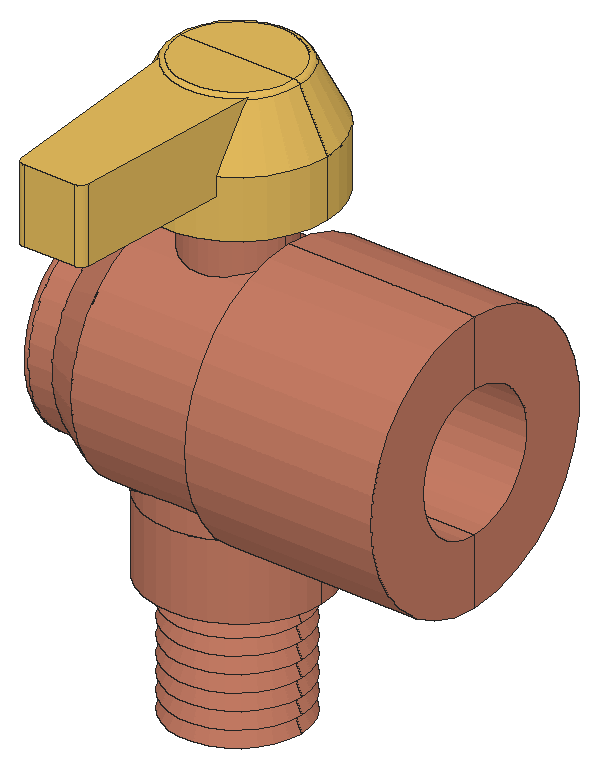
Revit family "GasUpVÁLVULA ESFERA ANGULAR 90º - GÁS - ø22", category Acessórios do tubo, Revit 2023
Family settings
  Cota do conector redondo = Utilizar diâmetro
  Tipo de parte = Normal
  Número OmniClass = 23.65.55.14.17
  Título OmniClass = Adjusting/Controlling Valves for Liquid Services
  Com base no plano de trabalho = Não
  Sempre na vertical = Sim
  Corte com vazios quando carregada = Não
  Compartilhado = Não
Parameters (values of type "Churrasqueira — 80 Kcal")
  Youtube clip = ""
  Weight Net (Kg) = ""
  Uniformat II Description = "PLUMBING"
  Uniformat II Code = "D20"
  Uniclass 2015 Name = "Ball valves"
  Uniclass 2015 Code = "Pr_65_54_95_06"
  Uniclass 2.0 Description = "Ball Valves"
  Uniclass 2.0 Code = "PR-94-94-xx"
  Uniclass 1.4 Description = "Valves"
  Uniclass 1.4 Code = "L7136"
  URL = "https://www.dahl.se"
  UNSPSC Code = "40141607"
  Type of Handle = "Butterfly handle"
  Type = "Angle"
  Technical description = ""
  Size = Overall Size  # "G20XR25"
  Simbologia [instance] = yes
  Secondary Material = PVC AMARELHO
  Region South America = "None"
  Region Oceania = "None"
  Region North America = "None"
  Region Middle East = "None"
  Region Europe = "SE"
  Region Asia = "None"
  Region Antarctica = "None"
  Region Africa = "None"
  Radius = 14.337 mm
  QR code = "http://bimobject.com/altech/product/Kulventiler_vinkel"
  Product url = "http://www.rskdatabasen.se/infoDocs/PROD/PROD_212_4513538.pdf"
  Product group = "Tap water"
  Product family = "Ball valves"
  Product data url = "https://bimobject.com/altech/product/Kulventiler_vinkel"
  Product certification = ""
  Product SKU = "Kulventiler_vinkel"
  Product Material = Cobre
  Product Guid = "9d734079-3969-46c2-a622-996599892817"
  Pressure = 16.0 Pa  # constant formula
  Potência (W) [instance] = 0
  Ponto de Utilização [instance] = ""
  Pc_Gas_Kcalmin = 80
  Overall Size = "G20XR25"
  OmniClass Description = "Ball Valves"
  OmniClass Code = "23-27 31 15"
  Nominal width = 0.00 mm
  Nominal height = 0.00 mm
  Nominal Diameter 02 [instance] = 15 mm
  Nominal Diameter [instance] = 25 mm
  NBS Reference Description = "Ball Valves"
  NBS Reference Code = "94-94-xx"
  Modelo = "Ball Valve DZR G20xR25"
  Min Temperature Water = 0 °C  # constant formula
  Media = "Tap water"
  Max Temperature Water = 110 °C  # constant formula
  Material secondary = "Brass"
  Material main = "Brass"
  Material = "DZR Brass"
  Masterformat 2014 Description = ""
  Masterformat 2014 Code = ""
  Manufacturer name = "Altech"
  Manufacturer country = "Italy"
  Fabricante = "Altech"
  Nota-chave = "15200"
  Installation instructions = "http://www.rskdatabasen.se/infoDocs/MONT/MONT_212_4513538.pdf"
  IFC Classification = "Valve"
  Height = 13.00 mm
  Handle Position = 53.40 mm
  G20x22 = yes
  Family = "Ball Valves"
  Elevação padrão = 0.00 mm
  Edition number = 1
  EAN code = ""
  Dimension Connection = Overall Size  # "G20XR25"
  Diameter [instance] = Nominal Diameter 02 + 8.00 mm  # 23.00 mm
  Design country = "Italy"
  Descrição = "Altech Ball Valve in DZR Brass and butterfly handle in aluminium. Use for warm and cold tap water. Can also be used for Altech water meter."  # constant formula
  Date of publishing = ""
  D = 27.20 mm
  Connection = "Female/Male"
  Comentários de tipos = "VÁLVULA ESFERA ANGULAR - 90º"
  COBIe Type Category = ""
  C = 45.00 mm
  Building Length = 68.50 mm
  Brand url = "https://www.dahl.se"
  BIMobject main category code = "plumbing"
  BIMobject main category = "Plumbing"
  BIMobject category code = "plumbing-valves"
  BIMobject category = "Valves"
  B = 34.00 mm
  Código de montagem = "D2090800"
  A = 34.50 mm
Types (5, lengths in mm): name | Pc_Gas_Kcalmin
  PADRÃO | 0
  Fogao 4 bocas — 185 Kcal | 185
  Fogao 5 bocas — 220 Kcal | 220
  Forno de parede — 45 Kcal | 45
  Churrasqueira — 80 Kcal | 80
Reference planes
  plane 1 "Center (Front/Back)": y = 0
  plane 2: z = 0
  plane 3 "Center (Left/Right)": x = 0
  plane 4: z = 21.5
  plane 5: z = 55.5
  plane 6: x = 22.5
  plane 7: x = -22.5
  plane 8: x = 27.2
  plane 9: z = 40.4
  plane 10: z = 33
  plane 11: z = 10
  plane 12: z = -13
  plane 13: z = 1
Forms (mm)
  Revolve 1, solid, material "Cobre" <- "Product Material", detail levels fine
    sketch origin (0, 0, -13) x (1, 0, 0) y (0, 0, 1)
      loop
        line (27.2, 49.438) -> (5.902, 49.438) -> (5.902, 47.9) -> (-8.332, 47.9) -> (-12.517, 45.484) -> (-15.195, 45.484)
        arc (-15.195, 45.484) -> (-15.801, 45.263) -> (-16.123, 44.705) r 0.943
        line (-16.123, 44.705) -> (-17.775, 35.338) -> (-17.775, 34.5) -> (-8.875, 34.5) -> (-8.875, 42) -> (27.2, 42) -> (27.2, 49.438)
      axis (-17.775, 34.5) -> (27.2, 34.5)
    angle from 0 to 360
  Revolve 2, solid, material "Cobre" <- "Product Material", detail levels fine
    sketch origin (0, 0, -13) x (1, 0, 0) y (0, 0, 1)
      loop
        line (-9.614, 40.421) -> (-9.614, 22.235) -> (-9.614, 13.753) -> (-7.822, 13.753) -> (-6.122, 13.753) -> (-7.416, 11.046) -> (-6.416, 11.046) -> (-7.322, 9.152) -> (-6.416, 9.152) -> (-7.322, 7.257) -> (-6.416, 7.257) -> (-7.322, 5.362) -> (-6.416, 5.362) -> (-7.322, 3.467) -> (-6.416, 3.467) -> (-7.322, 1.573) -> (-6.416, 1.573) -> (-7.322, -0.322) -> (0, -0.322) -> (0, 16.479) -> (-7.822, 16.479) -> (-7.822, 34.5) -> (0, 34.5) -> (0, 59.98) -> (-5.577, 59.98) -> (-5.577, 40.421) -> (-9.614, 40.421)
      axis (0, 59.98) -> (0, -0.322)
    angle from 0 to 360
  Revolve 3, void, detail levels fine
    sketch origin (0, 0, -13) x (1, 0, 0) y (0, 0, 1)
      loop
        line (27.2, 48) -> (-17.5, 48) -> (-17.5, 34.5) -> (27.2, 34.5) -> (27.2, 48)
      axis (-17.5, 34.5) -> (27.2, 34.5)
    angle from 0 to 360
  Sweep 4, solid, not visible, detail levels fine
    path origin (0, 0, 0) x (1, 0, 0) y (0, 0, 1)
      loop
        line (0, 0) -> (0, -0.877)
    profile origin (0, 0, -0.439) x (0, -1, 0) y (1, 0, 0)
      loop
        circle (0, 0) r 1.484
Cuts and joins
  Revolve 3 cuts Revolve 2
Lines and regions (mm)
  model lines, detail levels coarse+medium
    curve 1: circle (0, 0, 21.5) r 5 normal (0, -1, 0)
    curve 2: line (27.2, 0, 33) -> (27.2, 0, 10)
    curve 3: line (27.2, 0, 33) -> (4.511, 0, 23.656)
    curve 4: line (27.2, 0, 10) -> (4.511, 0, 19.344)
    curve 5: line (-12.5, 0, 0) -> (12.5, 0, 0)
    curve 6: line (-12.5, 0, 0) -> (-2.513, 0, 17.177)
    curve 7: line (12.5, 0, 0) -> (2.513, 0, 17.177)
  symbolic lines, not visible
    curve 8: circle (124.357, -113.404, 0) r 60 normal (0, 0, 1)
    curve 9: line (81.835, -71.073, 0) -> (166.879, -155.734, 0)
    curve 10: line (154.361, -61.444, 0) -> (94.354, -165.363, 0)
    curve 11: line (39.494, -28.732, 0) -> (81.835, -71.073, 0)
    curve 12: line (27.2, -16.438, 0) -> (36.2, -32.026, 0)
    curve 13: line (36.2, -32.026, 0) -> (39.494, -28.732, 0)
    curve 14: line (27.2, -16.438, 0) -> (42.788, -25.438, 0)
    curve 15: line (42.788, -25.438, 0) -> (39.494, -28.732, 0)
  symbolic lines
    curve 16: circle (-97.853, -120.426, 0) r 60 normal (0, 0, 1)
    curve 17: line (-59.39, -74.377, 0) -> (-136.317, -166.476, 0)
    curve 18: line (-43.477, -145.787, 0) -> (-152.23, -95.066, 0)
    curve 19: line (-20.9, -28.507, 0) -> (-59.39, -74.377, 0)
    curve 20: line (-9.724, -15.188, 0) -> (-24.469, -25.512, 0)
    curve 21: line (-24.469, -25.512, 0) -> (-20.9, -28.507, 0)
    curve 22: line (-9.724, -15.188, 0) -> (-17.331, -31.501, 0)
    curve 23: line (-17.331, -31.501, 0) -> (-20.9, -28.507, 0)
Dimensions and locks
  "B": plane 5 to plane 4
  equal spacing: plane 7, plane 3 "Center (Left/Right)", plane 6
  "C": plane 6 to plane 7
  "D": plane 8 to plane 3 "Center (Left/Right)"
  Revolve 1 sketch curve to plane 3 "Center (Left/Right)" to Revolve 1 sketch curve to Revolve 1 sketch curve to Revolve 1 sketch curve to Revolve 1 sketch curve to Revolve 1 sketch curve = 5.902 mm locked, 8.332 mm locked, 4.186 mm locked, 2.678 mm locked, 0.928 mm locked, 1.652 mm locked
  locked: plane 3 "Center (Left/Right)" to Revolve 1 sketch curve at 8.875
  locked: Revolve 2 sketch curve to plane 9 at 6.58
  locked: Revolve 2 sketch curve to plane 4 at 5.921
  equal spacing: plane 10, plane 4, plane 11
  "Diameter": plane 10 to plane 11
  Revolve 1 sketch curve to Revolve 1 sketch curve to plane 10 = 1.537 mm locked, 1.90 mm locked
  plane 10 to Revolve 1 sketch curve to Revolve 1 sketch curve to Revolve 1 sketch curve = 0.516 mm locked, 0.779 mm locked, 9.366 mm locked
  locked: plane 7 to Revolve 3 sketch curve at 5
  locked: Revolve 2 sketch curve to Revolve 2 sketch curve at 4.036
  locked: Revolve 3 sketch curve to plane 10 at 2
  locked: plane 2 to plane 12 at 13
  "A": plane 4 to plane 12
  "Handle Position": plane 9 to plane 12
  locked: plane 13 to plane 12 at 14
  locked: plane 10 to Revolve 1 sketch curve at 4
  equal spacing: curve 5, plane 3 "Center (Left/Right)", curve 5
  aligned and locked: plane 2 to level
  aligned and locked: plane 4 to Revolve 1 sketch curve  (x2)
  aligned and locked: plane 8 to Revolve 1 sketch curve
  aligned and locked: Revolve 2 sketch curve to plane 3 "Center (Left/Right)"
  aligned and locked: plane 4 to Revolve 2 sketch curve
  aligned and locked: plane 9 to nested 1
  aligned and locked: plane 3 "Center (Left/Right)" to nested 1
  aligned and locked: plane 1 "Center (Front/Back)" to nested 1
  aligned and locked: plane 3 "Center (Left/Right)" to Revolve 2 sketch curve
  aligned and locked: plane 4 to Revolve 3 sketch curve  (x2)
  aligned and locked: Sweep 4 sketch curve to plane 3 "Center (Left/Right)"
  aligned and locked: plane 2 to Sweep 4 sketch curve
  aligned and locked: plane 3 "Center (Left/Right)" to curve 1
  aligned and locked: plane 4 to curve 1
  aligned and locked: curve 2 to plane 8
  aligned and locked: plane 10 to curve 2
  aligned and locked: plane 11 to curve 2
  aligned and locked: curve 5 to plane 2
Automatic sketch dimensions
  Revolve 1 sketch curve to Revolve 1 sketch curve = 42.092 mm
  Revolve 1 sketch curve to Revolve 1 sketch curve = 8.605 mm
  Revolve 3 sketch curve to plane 6 = 0.00 mm
  Revolve 3 sketch curve to plane 8 = 0.00 mm
  Revolve 3 sketch curve to Revolve 3 sketch curve = 5.30 mm
  Sweep 4 sketch curve to level = 0.877 mm
  plane 1 "Center (Front/Back)" to Sweep 4 sketch curve = 0.00 mm
  Sweep 4 sketch curve to profile plane = 0.00 mm
  Revolve 2 sketch curve to plane 3 "Center (Left/Right)" = 5.577 mm
  Revolve 2 sketch curve to plane 13 = 0.247 mm
  Revolve 2 sketch curve to Revolve 2 sketch curve = 3.491 mm
  Revolve 2 sketch curve to plane 3 "Center (Left/Right)" = 6.416 mm
  Revolve 2 sketch curve to plane 12 = 1.573 mm
  Revolve 2 sketch curve to Revolve 2 sketch curve = 0.00 mm  (x6)
  Revolve 2 sketch curve to Revolve 2 sketch curve = 0.906 mm  (x5)
  Revolve 2 sketch curve to plane 12 = 3.467 mm
  plane 12 to Revolve 2 sketch curve = 0.322 mm
  Revolve 2 sketch curve to level = 1.954 mm
  Revolve 2 sketch curve to Revolve 2 sketch curve = 1.00 mm
  Revolve 2 sketch curve to Revolve 2 sketch curve = 1.70 mm  (x2)
  Revolve 2 sketch curve to Revolve 2 sketch curve = 1.895 mm  (x3)
  plane 13 to Revolve 2 sketch curve = 2.479 mm
  Revolve 2 sketch curve to plane 11 = 0.765 mm
  Revolve 2 sketch curve to Revolve 2 sketch curve = 6.948 mm
  Revolve 2 sketch curve to Revolve 2 sketch curve = 7.173 mm
  Revolve 2 sketch curve to plane 3 "Center (Left/Right)" = 0.00 mm
  curve 6 to plane 3 "Center (Left/Right)" = 2.513 mm
  plane 3 "Center (Left/Right)" to curve 7 = 2.513 mm
  curve 3 to plane 4 = 2.156 mm
  plane 3 "Center (Left/Right)" to curve 3 = 4.511 mm
  plane 4 to curve 4 = 2.156 mm
  curve 5 to plane 7 = 10.00 mm
  radius of Sweep 4 sketch curve = 1.484 mm
Nested families
  nested 1: "Small Handle" at (0, 0, 40.4) x (0, 0, -1) z (-1, 0, 0), type "Small Handle", detail levels fine
Connectors
  piping at (27.2, 0, 21.5), diameter 15, driven by "Nominal Diameter 02"
    settings: on Revolve 1, index 2, connector inside diameter 609.6 mm, connector length 0.00 mm, flow factor 0, pipe flow 0.0 L/s, pressure drop 0.0 Pa, fitting loss kfactor 0, connector angle 0.00°, fixture units 0, engagement length 0.00 mm, angle of deflection 0.00°, flow configuration 0, flow direction 0, fitting loss method 0, system type 29, joint type 0, gender type 0, connector reference index -1, connector utility 0, adjustable connector no, is connector primary no, connector description ""
  piping at (0, 0, 0), diameter 25, driven by "Nominal Diameter"
    settings: on Sweep 4, index 3, connector inside diameter 609.6 mm, connector length 0.00 mm, flow factor 0, pipe flow 0.0 L/s, pressure drop 0.0 Pa, fitting loss kfactor 0, connector angle 0.00°, fixture units 0, engagement length 0.00 mm, angle of deflection 0.00°, flow configuration 0, flow direction 0, fitting loss method 0, system type 29, joint type 0, gender type 0, connector reference index -1, connector utility 0, adjustable connector no, is connector primary yes, connector description ""
Definition of nested family "Small Handle"
  Parameters (values of type "Small Handle")
    Material = none
    Default Elevation = 1219.20 mm
  Reference planes
    plane 1 "Center (Front/Back)": y = 0
    plane 2: z = 0
    plane 3 "Center (Left/Right)": x = 0
  Forms (mm)
    Revolve 1, solid, material <- "Material"
      sketch origin (0, 0, 0) x (1, 0, 0) y (0, 0, 1)
        loop
          line (0, 0) -> (0, 10.308) -> (-6.569, 10.308) -> (-12.754, 7.157)
          arc (-12.754, 7.157) -> (-13.051, 6.882) -> (-13.161, 6.492) r 0.746
          line (-13.161, 6.492) -> (-13.161, 0) -> (0, 0)
        axis (-13.161, 0) -> (0, 0)
      angle from 0 to 360
    Extrusion 2, solid, material <- "Material"
      sketch origin (0, 0.044, 0.306) x (0, -0.010799, -0.999942) y (0, 0.999942, -0.010799)
        loop
          line (-3.821, 25.987) -> (-5.638, 0) -> (5.638, 0) -> (3.817, 26.051)
          arc (3.817, 26.051) -> (3.52, 26.673) -> (2.879, 26.925) r 0.94
          line (2.879, 26.925) -> (-2.815, 26.925)
          arc (-2.815, 26.925) -> (-3.503, 26.654) -> (-3.821, 25.987) r 1.009
      from -12.891 to -4.5
    Extrusion 3, void
      sketch origin (0, 0.044, 0.306) x (1, 0, 0) y (0, 0.999942, -0.010799)
        loop
          arc (-11.381, 25.064) -> (-11.106, 25.727) -> (-10.443, 26.002) r 0.938
          line (-10.443, 26.002) -> (-4.428, 26.399) -> (-10.443, 26.925) -> (-13.562, 26.925) -> (-13.562, 0.131) -> (-11.381, 25.064)
      from -8.059 to 7.713
  Dimensions and locks
    aligned and locked: level to plane 2
    aligned and locked: Revolve 1 sketch curve to plane 2
    aligned and locked: Extrusion 2 to Extrusion 3
